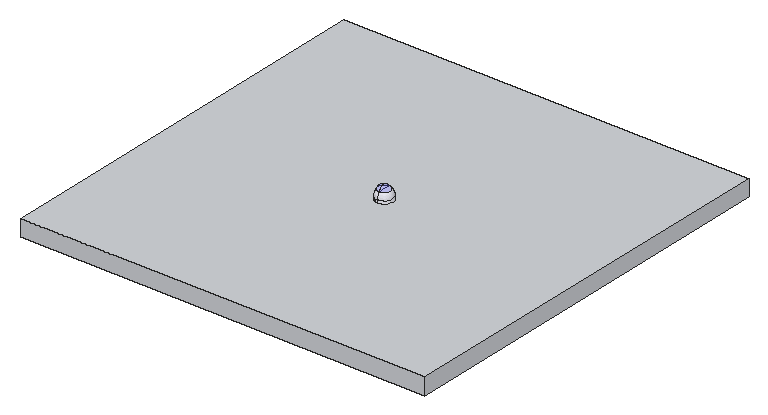
Revit family "PD4-AP types Avec hôte", category Dispositifs d'éclairage, Revit 2019
Family settings
  Hôte = Face
  Conserver l'orientation des annotations = Oui
  Cote de connecteur circulaire = Utiliser le diamètre
  Type d'élément = Normal
  Couper avec des vides une fois chargée = Non
  Partagée = Non
  Point de calcul de pièce = Non
Parameters (values of type "01- PD4-AP Générique")
  Zone de detection [instance] = no
  Zone assise [instance] = Position en hauteur < 350.1 cm  # yes
  URL = "http://www.luxomat.com"
  Type de Sortie = ""
  Température ambiante = "-25°C à +50°C"
  Référence = ""
  Relais = ""
  Position en hauteur [instance] = 250 cm
  Portée frontale [instance] = Position en hauteur * 3.2  # 800 cm
  Portée de biais [instance] = Position en hauteur * 9.6  # 2400 cm
  Modèle = "PD4-AP"
  Mode de pose = "Saillie"
  Marque = "LUXOMAT"
  Image du type = 360°.jpg
  IP = "20 ou 54"
  Hauteur de montage max préconisée [instance] = Hauteur de montage max  # 350 cm
  Hauteur de montage max = 350 cm
  Fabricant = "B.E.G."
  Etiquette [instance] = yes
  Default Elevation = 0 cm
  Consommation = ""
  Commentaires du type = "DET.PRES.360°/Ø24M APPARENT"
  Code d'assemblage = "D5010200"
  Classe = "II"
  Charge LED = ""
  Charge Cos ɸ =1 = ""
  Charge Cos ɸ =0.5 = ""
  Alimentation = "110-240 V AC"
  Activitée assise [instance] = Position en hauteur * 2.56  # 640 cm
Types (25, lengths in cm): name | Type de Sortie | Température ambiante | Référence | Relais | Modèle | IP | Consommation | Commentaires du type | Charge LED | Charge Cos ɸ =1 | Charge Cos ɸ =0.5 | Alimentation
  (no name) | "" | "-25°C à +50°C" | "" | "" | "PD4-AP" | "20 ou 54" | "" | "DET.PRES.360°/Ø24M APPARENT" | "" | "" | "" | "110-240 V AC"
  01- PD4-AP Générique | "" | "-25°C à +50°C" | "" | "" | "PD4-AP" | "20 ou 54" | "" | "DET.PRES.360°/Ø24M APPARENT" | "" | "" | "" | "110-240 V AC"
  02- PD4N-1C-AP réf 92144 | "TOR" | "-25°C à +50°C" | "92144" | "10 A" | "PD4N-1C-AP" | "44" | "0,25 W" | "DET.MOUV.1 CONTACT.360°/Ø24M APPARENT" | "300 W" | "2300 W" | "1150 VA" | "110-240 V AC"
  03- PD4-M-1C-AP réf 92580 | "TOR" | "-25°C à +50°C" | "92580" | "10 A" | "PD4-M-1C-AP" | "20 ou 54" | "0,45 W" | "DET.PRES.MAITRE.1 CONTACT.360°/Ø24M APPARENT" | "300 W" | "2300 W" | "1150 VA" | "110-240 V AC"
  04- PD4-M-2C-AP réf 92140 | "TOR + CVC" | "-25°C à +50°C" | "92140" | "10 A / 3 A" | "PD4-M-2C-AP" | "54" | "0,47 W" | "DET.PRES.MAITRE.2 CONTACTS.360°/Ø24M APPARENT" | "300 W" | "2300 W" | "1150 VA" | "110-240 V AC"
  05- PD4-M-2C-DUO-AP réf 92158 | "2  TOR (1er jour/2ème jour)" | "-25°C à +50°C" | "92158" | "10 A" | "PD4-M-2C-DUO-AP" | "54" | "0,47 W" | "DET.PRES.MAITRE.DUO.2 CONTACTS.360°/Ø24M APPARENT" | "300 W" | "2300 W" | "1150 VA" | "110-240 V AC"
  06- PD4-M-3C-TRIO-AP réf 92740 | "3  TOR (1er jour/2ème jour + Tableau ou CVC)" | "-25°C à +50°C" | "92740" | "16 A" | "PD4-M-3C-TRIO-AP" | "20 ou 54" | "0,58 W" | "DET.PRES.MAITRE.TRIO.3 CONTACTS.360°/Ø24M APPARENT" | "300 W" | "3000 W" | "1500 VA" | "110-240 V AC"
  12- PD4-M-DIM-AP réf 92147 | "DIM (50 ballasts maxi)" | "-25°C à +50°C" | "92147" | "10 A" | "PD4-M-DIM-AP" | "20 ou 54" | "0,50 W" | "DET.PRES.MAITRE.DIM(1-10V).360°/Ø24M APPARENT" | "300 W" | "2300 W" | "1150 VA" | "110-240 V AC"
  13- PD4-M-DUO-DIM-AP réf 92271 | "2 DIM (25 ballasts maxi-1er jour/2ème jour)" | "-25°C à +50°C" | "92271" | "10 A" | "PD4-M-DUO-DIM-AP" | "54" | "0,50 W" | "DET.PRES.MAITRE.DUO.2 DIM(1-10V).360°/Ø24M APPARENT" | "300 W" | "2300 W" | "1150 VA" | "110-240 V AC"
  14- PD4-M-TRIO-DIM-AP réf 92730 | "2 DIM (25 ballasts maxi-1er jour/2ème jour) + TOR (Tableau ou CVC)" | "-25°C à +50°C" | "92730" | "16 A" | "PD4-M-TRIO-DIM-AP" | "20 ou 54" | "0,78 W" | "DET.PRES.MAITRE.TRIO.2 DIM(1-10V) + TOR.360°/Ø24M APPARENT" | "300 W" | "3000 W" | "1500 VA" | "110-240 V AC"
  07- PD4N-M-DACO-AP réf 93460 | "DALI 2  (40 drivers maxi)" | "-25°C à +50°C" | "93460+93465" | "0" | "PD4N-M-DACO-AP" | "54" | "2 W" | "DET.PRES.MAITRE.DALI 2.360°/Ø10M APPARENT + KIT AP réf 93465" | "0" | "0" | "0" | "110-240 V AC"
  09- PD4-M-TRIO-2DALI/DSI-1C-AP réf 92751 | "2 DALI (25 ballasts maxi-1er jour/2ème jour) + TOR (Tableau ou CVC)" | "-25°C à +50°C" | "92751" | "16 A" | "PD4-M-TRIO-2DALI/DSI-1C-AP" | "20 ou 54" | "0,78 W" | "DET.PRES.MAITRE.TRIO.2 DALI/DSI + TOR.360°/Ø24M APPARENT" | "300 W" | "3000 W" | "1500 VA" | "110-240 V AC"
  10- PD4-M-DAA4G-AP réf 92743 | "DALI Adressable Autonome (64 ballasts maxi) + TOR" | "-25°C à +50°C" | "92743" | "10 A" | "PD4-M-DAA4G-AP" | "20" | "0.4 W" | "DET.PRES.MAITRE.DALI ADRESSABLE AUTONOME + TOR.360°/Ø24M APPARENT" | "300 W" | "2300 W" | "1150 VA" | "110-240 V AC"
  20- PD4N-KNX-ST-AP réf 93385 | "KNX - 1 sortie Eclairage TOR ou GRADATION / 3 sorties Présence" | "-5°C à +45°C" | "93385+93307" | "0" | "PD4N-KNX-ST-AP" | "54" | "12 mA" | "DET.PRES.KNX.VERSION STANDARD.360°/Ø24M ENCASTRE + KIT AP réf 93307" | "0" | "0" | "0" | "24 V DC par bus KNX"
  21- PD4N-KNX-DX-AP réf 93387 | "KNX - 1 sortie Eclairage TOR ou GRADATION / 3 sorties Présence / Capteur de température et bruit" | "-5°C à +45°C" | "93387+93307" | "0" | "PD4N-KNX-DX-AP" | "54" | "12 mA" | "DET.PRES.KNX.VERSION DELUXE.360°/Ø24M ENCASTRE + KIT AP réf 93307" | "0" | "0" | "0" | "24 V DC par bus KNX"
  24- PD4N-LON-AP réf 92834 | "LON" | "-5°C à +45°C" | "92834" | "0" | "PD4N-LON-AP" | "54" | "12 mA" | "DET.PRES.LON.360°/Ø24M APPARENT" | "0" | "0" | "0" | "24 V DC par bus LON"
  19- PD4N-BMS-DALI-2-AP réf 93546 | "DALI 2 adressable - BMS" | "-25°C à +50°C" | "93546+93307" | "0" | "PD4N-BMS-DALI-2-AP" | "54" | "7 mA" | "MULTI.CAPTEUR.PRES.BMS.DALI 2.360°/Ø24M APPARENT" | "0" | "0" | "0" | "10-22V DC par bus DALI"
  15- PD4-S-AP réf 92142 | "Esclave" | "-25°C à +50°C" | "92142" | "0" | "PD4-S-AP" | "54" | "0,25 W" | "DET.PRES.ESCLAVE.360°/Ø24M APPARENT" | "0" | "0" | "0" | "110-240 V AC"
  16- PD4-S-DAA4G-AP réf 92759 | "DALI Esclave" | "-25°C à +50°C" | "92759" | "0" | "PD4-S-DAA4G-AP" | "54" | "7 mA" | "DET.PRES.ESCLAVE.DALI.360°/Ø24M APPARENT" | "0" | "0" | "0" | "22 V DC par bus DALI"
  11- PD4-M-HCL2-AP réf 93485 | "DALI HCL Adressable Autonome (64 ballasts maxi) + TOR" | "-25°C à +50°C" | "93485" | "10 A" | "PD4-M-HCL2-AP" | "20" | "0.4 W" | "DET.PRES.MAITRE.DALI HCL ADRESSABLE AUTONOME + TOR.360°/Ø24M APPARENT" | "300 W" | "2300 W" | "1150 VA" | "110-240 V AC"
  17- PD4N-DALILINK-AP réf 93377 | "DALILINK" | "-25°C à +55°C" | "93377+93307" | "0" | "PD4N-DALILINK-AP" | "54" | "7 mA" | "MULTI.CAPTEUR.PRES.DALILINK.360°/Ø24M FAUX PLAFOND + KIT AP réf 93307" | "0" | "0" | "0" | "16V DC par bus DALI"
  18- PD4N-DALISYS-AP réf 93340 | "DALI adressable" | "-25°C à +55°C" | "93340+93307" | "0" | "PD4N-DALISYS-AP" | "54" | "7 mA" | "MULTI.CAPTEUR.PRES.DALISYS.360°/Ø24M FAUX PLAFOND + KIT AP réf 93307" | "0" | "0" | "0" | "16V DC par bus DALI"
  08- PD4N-M-DACO-1C-AP réf 93463 | "DALI 2 (40 drivers maxi) + Contact NO" | "-25°C à +50°C" | "93463+93465" | "10 A" | "PD4N-M-DACO-1C-AP" | "54" | "2 W" | "DET.PRES.MAITRE.DALI 2 + CONTACT NO.360°/Ø10M APPARENT + KIT AP réf 93465" | "300 W" | "2300 W" | "1150 VA" | "110-240 V AC"
  22- PD4N-KNXs-ST-AP réf 93515 | "KNX Sécure - 1 sortie Eclairage TOR ou GRADATION / 3 sorties Présence / HCL" | "-5°C à +45°C" | "93515+93307" | "0" | "PD4N-KNXs-ST-AP" | "54" | "12 mA" | "DET.PRES.KNX Sécure.VERSION STANDARD.360°/Ø24M ENCASTRE + KIT AP réf 93307" | "0" | "0" | "0" | "24 V DC par bus KNX"
  23- PD4N-KNXs-DX-AP réf 93517 | "KNX Sécure - 1 sortie Eclairage TOR ou GRADATION / 3 sorties Présence / Capteur de température et bruit / HCL" | "-5°C à +45°C" | "93517+93307" | "0" | "PD4N-KNXs-DX-AP" | "54" | "12 mA" | "DET.PRES.KNX Sécure.VERSION DELUXE.360°/Ø24M ENCASTRE + KIT AP réf 93307" | "0" | "0" | "0" | "24 V DC par bus KNX"
Reference planes (cm)
  plane 1 "Centre (avant/arrière)": y = 0
  plane 2: z = 0
  plane 3 "Centre (gauche/droite)": x = 0
Forms (cm)
  Extrusion 1, solid
    sketch origin (0, 0, 0) x (1, 0, 0) y (0, 1, 0)
      loop
        line (-121.92, 121.92) -> (-121.92, -121.92) -> (121.92, -121.92) -> (121.92, 121.92) -> (-121.92, 121.92)
    from 0 to -10
Dimensions and locks (cm)
  aligned and locked: plane 2 to Extrusion 1
  aligned and locked: level to Extrusion 1
  aligned and locked: nested 2 to plane 2
Nested families (cm)
  nested 1: "Famille1" at (-4, 54.585, 0), modele <- "Modèle", visible <- "Etiquette", référence <- "Référence", type "Famille1"
    with référence "", modele "PD4-AP"
  nested 2: "M14" at (0, 0, 0), type "Standard"
  nested 3: "Plafond 360° 2D" at (0, 0, 0), type "Plafond 360° 2D"
  nested 4: "zone H" at (0, 0, 0) x (1, 0, 0) z (0, 0, -1), visible <- "Zone de detection", biais <- "Portée de biais", frontal <- "Portée frontale", activité assise <- "Activitée assise", Zone assise <- "Zone assise", type "zone H"
    with position 2 320 cm, position 1 800 cm, frontal 800 cm, biais 2400 cm, activité assise 640 cm, Zone assise yes
Connectors (cm)
  electrical at (0, 0, 0)
    settings: on nested 2, index 1, voltage 230 V, apparent load 0 VA, apparent load phase1 0 VA, apparent load phase2 0 VA, apparent load phase3 0 VA, power factor 1, load classification "Eclairage", number of poles 1, system type 31, power factor state 1, is connector primary yes, connector utility no, sub classification motor no, connector description ""
Definition of nested family "M14"
  Reference planes (cm)
    plane 1 "Centre (avant/arrière)": y = 0
    plane 2: z = 0
    plane 3 "Centre (gauche/droite)": x = 0
    plane 4: x = 0
  Forms (cm)
    Revolve 1, solid
      sketch origin (0, 0, 0) x (0, -1, 0) y (0, 0, 1)
        loop
          line (0, 0) -> (0, 5) -> (-3.8, 5)
          arc (-3.8, 5) -> (-4.577, 3.2225) -> (-4.8363, 1.3) r 7
          line (-4.8363, 1.3) -> (-4.9363, 1.3) -> (-5.05, 0) -> (0, 0)
        axis (0, 0) -> (0, 5)
      angle from 0 to 360
    Revolve 2, solid
      sketch origin (0, 0, 0) x (0, -1, 0) y (0, 0, 1)
        loop
          arc (0, 7.6) -> (-2.2816, 6.8864) -> (-3.75, 5) r 4.0043
          line (-3.75, 5) -> (0, 5) -> (0, 7.6)
        axis (0, 5) -> (0, 7.6)
      angle from 0 to 360
  Lines and regions (cm)
    reference lines
      curve 1: line (0, 0, 0) -> (0, 0, 7.6)
      curve 2: line (0, 0, 5) -> (0, 3.8, 5)
      curve 3: arc (0, 3.8, 5) -> (0, 4.577, 3.2225) -> (0, 4.8363, 1.3) r 7
      curve 4: line (0, 4.9363, 1.3) -> (0, 4.8363, 1.3)
      curve 5: line (0, 5.05, 0) -> (0, 4.9363, 1.3)
      curve 6: line (0, 0, 0) -> (0, 5.05, 0)
      curve 7: arc (0, 0, 7.6) -> (0, 2.2816, 6.8864) -> (0, 3.75, 5) r 4.0043
      curve 8: line (0, 3.75, 5) -> (0, 0, 5)
      curve 9: line (0, 0, 7.6) -> (0, 0, 5)
      curve 10: line (0, 0, 0) -> (0, 0, 7.6)
  Dimensions and locks (cm)
    aligned and locked: level to plane 2
    aligned and locked: Revolve 1 sketch curve to curve 1  (x2)
    aligned and locked: Revolve 1 sketch curve to curve 2
    aligned and locked: Revolve 1 sketch curve to curve 3
    aligned and locked: Revolve 1 sketch curve to curve 4
    aligned and locked: Revolve 1 sketch curve to curve 5
    aligned and locked: Revolve 1 sketch curve to curve 6
    aligned and locked: Revolve 2 sketch curve to curve 7
    aligned and locked: Revolve 2 sketch curve to curve 8
    aligned and locked: Revolve 2 sketch curve to curve 9
    aligned and locked: Revolve 2 sketch curve to curve 10
Definition of nested family "Famille1"
  Parameters (values of type "Famille1")
    référence [instance] = ""
    modele [instance] = ""
  Reference planes (cm)
    plane 1: y = 0
    plane 2: x = 0
  Text (cm)
    label "référence\nmodele" at (0.0074, 0.0451, 0), shows "référence", "modele"
Definition of nested family "Plafond 360° 2D"
  Reference planes (cm)
    plane 1: y = 0
    plane 2: x = 0
  Lines and regions (cm)
    Filled region 1, type "rouge"
      outline origin (0, 0, 0) x (1, 0, 0) y (0, 1, 0)
        loop
          circle (0, 0) r 0.0294
    detail lines
      curve 1: arc (-0.1732, 0.1, 0) -> (-0.2, 0, 0) -> (-0.1732, -0.1, 0) r 0.2
      curve 2: arc (-0.1, -0.1732, 0) -> (0, -0.2, 0) -> (0.1, -0.1732, 0) r 0.2
      curve 3: arc (0.1732, -0.1, 0) -> (0.2, 0, 0) -> (0.1732, 0.1, 0) r 0.2
      curve 4: arc (0.1, 0.1732, 0) -> (0, 0.2, 0) -> (-0.1, 0.1732, 0) r 0.2
      curve 5: arc (-0.1375, 0.0794, 0) -> (-0.1588, 0, 0) -> (-0.1375, -0.0794, 0) r 0.1588
      curve 6: arc (-0.0794, -0.1375, 0) -> (0, -0.1588, 0) -> (0.0794, -0.1375, 0) r 0.1588
      curve 7: arc (0.1375, -0.0794, 0) -> (0.1588, 0, 0) -> (0.1375, 0.0794, 0) r 0.1588
      curve 8: arc (0.0794, 0.1375, 0) -> (0, 0.1588, 0) -> (-0.0794, 0.1375, 0) r 0.1588
      curve 9: arc (-0.1019, 0.0588, 0) -> (-0.1176, 0, 0) -> (-0.1019, -0.0588, 0) r 0.1176
      curve 10: arc (-0.0588, -0.1019, 0) -> (0, -0.1176, 0) -> (0.0588, -0.1019, 0) r 0.1176
      curve 11: arc (0.1019, -0.0588, 0) -> (0.1176, 0, 0) -> (0.1019, 0.0588, 0) r 0.1176
      curve 12: arc (0.0588, 0.1019, 0) -> (0, 0.1176, 0) -> (-0.0588, 0.1019, 0) r 0.1176
      curve 13: arc (-0.0294, 0, 0) -> (0, -0.0294, 0) -> (0.0294, 0, 0) r 0.0294
      curve 14: arc (0.0294, 0, 0) -> (0, 0.0294, 0) -> (-0.0294, 0, 0) r 0.0294
Definition of nested family "zone H"
  Parameters (values of type "zone H")
    position 2 [instance] = (frontal / 2) * 0.8  # 320 cm
    position 1 [instance] = ((biais / 2) + (frontal / 2)) / 2  # 800 cm
    frontal [instance] = 800 cm
    biais [instance] = 2400 cm
    activité assise [instance] = 640 cm
    Zone assise [instance] = yes
  Reference planes (cm)
    plane 1 "Centre (avant/arrière)": y = 0
    plane 2: z = 0
    plane 3 "Centre (gauche/droite)": x = 0
    plane 4: x = -800
    plane 5: y = -320
  Lines and regions (cm)
    detail lines, in view "Niveau de réf.", visible <- "Zone assise"
      curve 1: circle (0, 0, 0) r 320 normal (0, 0, 1)
      curve 4: spline (-159.1609, 35.3835, 0) -> (-158.2494, 35.2529, 0) -> (-157.3931, 34.8281, 0) -> (-156.6502, 34.138, 0) -> (-156.0714, 33.2297, 0) -> (-155.6961, 32.165, 0) -> (-155.55, 31.0166, 0) -> (-155.643, 29.8626, 0) -> (-155.9687, 28.7818, 0) -> (-156.5049, 27.8477, 0) -> (-157.2152, 27.1241, 0) -> (-158.051, 26.6602, 0) -> (-158.9555, 26.4877, 0) -> (-159.867, 26.6183, 0) -> (-160.7234, 27.0431, 0) -> (-161.4663, 27.7332, 0) -> (-162.0451, 28.6415, 0) -> (-162.4203, 29.7062, 0) -> (-162.5664, 30.8546, 0) -> (-162.4735, 32.0085, 0) -> (-162.1478, 33.0894, 0) -> (-161.6115, 34.0234, 0) -> (-160.9013, 34.7471, 0) -> (-160.0654, 35.211, 0) -> (-159.1609, 35.3835, 0)
      curve 12: line (-159, 26, 0) -> (-159, 0, 0)
      curve 13: line (-159, 0, 0) -> (-142, 0, 0)
      curve 14: line (-142, 0, 0) -> (-142, -21, 0)
      curve 15: line (-159, 22.2972, 0) -> (-146.1203, 15.4489, 0)
      curve 16: line (-169.5298, 20.3537, 0) -> (-164.6439, -2.6328, 0)
      curve 17: line (-164.6439, -2.6328, 0) -> (-144.0082, -2.6328, 0)
      curve 18: line (-149.8164, -2.6328, 0) -> (-149.8164, -21, 0)
      curve 19: line (-161.3261, -2.6328, 0) -> (-161.3261, -21, 0)
      curve 31: line (-149.8151, 8.5, 0) -> (-123.3151, 8.5, 0)
      curve 32: line (-128, 8.5, 0) -> (-128, -21, 0)
      curve 35: line (-134.5, 8.5, 0) -> (-134.5, -21, 0)
    detail lines, in view "Niveau de réf."
      curve 2: circle (0, 0, 0) r 400 normal (0, 0, 1)
      curve 3: circle (0, 0, 0) r 1200 normal (0, 0, 1)
      curve 6: line (-800, -57.4473, 0) -> (-800, 25.4977, 0)
      curve 7: line (-800, 25.4977, 0) -> (-822.1638, -2.8706, 0)
      curve 10: line (0, -402.945, 0) -> (0, -320, 0)
      curve 11: line (0, -320, 0) -> (-22.1638, -348.3684, 0)
      curve 28: line (-800, 25.4977, 0) -> (-777.8362, -2.8706, 0)
      curve 29: line (0, -320, 0) -> (22.1638, -348.3684, 0)
    detail lines, in view "Niveau de réf.", visible <- "Zone assise", not visible
      curve 5: spline (932.3619, 15.8637, 0) -> (933.2734, 15.7331, 0) -> (934.1297, 15.3083, 0) -> (934.8726, 14.6182, 0) -> (935.4514, 13.7099, 0) -> (935.8267, 12.6452, 0) -> (935.9728, 11.4968, 0) -> (935.8798, 10.3428, 0) -> (935.5541, 9.262, 0) -> (935.0179, 8.3279, 0) -> (934.3076, 7.6043, 0) -> (933.4718, 7.1404, 0) -> (932.5673, 6.9679, 0) -> (931.6558, 7.0985, 0) -> (930.7994, 7.5233, 0) -> (930.0565, 8.2134, 0) -> (929.4777, 9.1217, 0) -> (929.1025, 10.1864, 0) -> (928.9564, 11.3348, 0) -> (929.0493, 12.4888, 0) -> (929.375, 13.5696, 0) -> (929.9113, 14.5037, 0) -> (930.6215, 15.2273, 0) -> (931.4574, 15.6912, 0) -> (932.3619, 15.8637, 0)
      curve 20: line (932.5228, 6.4802, 0) -> (932.5228, -19.5198, 0)
      curve 21: line (932.5228, -19.5198, 0) -> (949.5228, -19.5198, 0)
      curve 22: line (949.5228, -19.5198, 0) -> (949.5228, -40.5198, 0)
      curve 23: line (932.5228, 2.7774, 0) -> (945.4025, -4.0709, 0)
      curve 24: line (921.993, 0.8339, 0) -> (926.8789, -22.1526, 0)
      curve 25: line (926.8789, -22.1526, 0) -> (947.5146, -22.1526, 0)
      curve 26: line (941.7064, -22.1526, 0) -> (941.7064, -40.5198, 0)
      curve 27: line (930.1967, -22.1526, 0) -> (930.1967, -40.5198, 0)
      curve 33: line (941.7077, -11.0198, 0) -> (968.2077, -11.0198, 0)
      curve 34: line (963.5228, -11.0198, 0) -> (963.5228, -40.5198, 0)
      curve 36: line (957.0228, -11.0198, 0) -> (957.0228, -40.5198, 0)
    detail lines, in view "Niveau de réf.", not visible
      curve 8: line (628.0656, -64.277, 0) -> (628.0656, 18.6681, 0)
      curve 9: line (628.0656, 18.6681, 0) -> (605.9018, -9.7003, 0)
      curve 30: line (628.0656, 18.6681, 0) -> (650.2294, -9.7003, 0)
  Dimensions and locks (cm)
    "position 1": plane 4 to plane 3 "Centre (gauche/droite)"
    "position 2": plane 5 to plane 1 "Centre (avant/arrière)"
    "activité assise": diameter of curve 1
    "biais": diameter of curve 3
    "frontal": diameter of curve 2
    aligned and locked: plane 4 to curve 6
    aligned and locked: curve 10 to plane 3 "Centre (gauche/droite)"
    aligned and locked: plane 5 to curve 29
    aligned and locked: curve 14 to plane 1 "Centre (avant/arrière)"
  Automatic sketch dimensions
    curve 7 to curve 7 = 22.1638 cm
    curve 6 to curve 28 = 22.1638 cm
    curve 28 to curve 7 = 28.3684 cm
    curve 7 to curve 7 = 28.3684 cm
    curve 6 to curve 7 = 54.5767 cm
    curve 11 to curve 11 = 22.1638 cm
    curve 10 to curve 29 = 22.1638 cm
    curve 29 to curve 11 = 28.3684 cm
    curve 11 to curve 11 = 28.3684 cm
    curve 10 to curve 11 = 54.5767 cm
    curve 9 to curve 9 = 22.1638 cm
    curve 8 to curve 30 = 22.1638 cm
    curve 30 to curve 9 = 28.3684 cm
    curve 9 to curve 9 = 28.3684 cm
    curve 8 to curve 9 = 54.5767 cm
    curve 16 to curve 12 = 5.6439 cm
    curve 12 to curve 14 = 17 cm
    curve 19 to curve 13 = 2.6328 cm
    curve 16 to curve 15 = 10.5298 cm
    curve 16 to curve 19 = 3.3178 cm
    curve 4 to curve 12 = 0.1609 cm
    curve 4 to curve 4 = 0.1027 cm
    curve 18 to curve 13 = 7.8164 cm
    curve 18 to curve 31 = 0.0013 cm
    curve 31 to curve 15 = 3.6948 cm
    curve 17 to curve 13 = 2.0082 cm
    curve 13 to curve 35 = 7.5 cm
    curve 35 to curve 32 = 6.5 cm
    curve 32 to curve 31 = 4.6849 cm
    curve 35 to curve 17 = 18.3672 cm
    curve 18 to curve 35 = 0 cm
    curve 14 to curve 35 = 0 cm
    curve 19 to curve 18 = 0 cm
    curve 35 to curve 32 = 0 cm
    curve 13 to curve 31 = 8.5 cm
    curve 31 to curve 15 = 6.9489 cm
    curve 12 to curve 16 = 20.3537 cm
    curve 16 to curve 15 = 1.9435 cm
    curve 15 to curve 12 = 3.7028 cm
    curve 12 to curve 4 = 4.9356 cm
    curve 24 to curve 20 = 5.6439 cm
    curve 20 to curve 22 = 17 cm
    curve 27 to curve 21 = 2.6328 cm
    curve 24 to curve 23 = 10.5298 cm
    curve 24 to curve 27 = 3.3178 cm
    curve 5 to curve 20 = 0.1609 cm
    curve 5 to curve 5 = 0.1027 cm
    curve 26 to curve 21 = 7.8164 cm
    curve 26 to curve 33 = 0.0013 cm
    curve 33 to curve 23 = 3.6948 cm
    curve 25 to curve 21 = 2.0082 cm
    curve 21 to curve 36 = 7.5 cm
    curve 36 to curve 34 = 6.5 cm
    curve 34 to curve 33 = 4.6849 cm
    curve 36 to curve 25 = 18.3672 cm
    curve 26 to curve 36 = 0 cm
    curve 22 to curve 36 = 0 cm
    curve 27 to curve 26 = 0 cm
    curve 36 to curve 34 = 0 cm
    curve 21 to curve 33 = 8.5 cm
    curve 33 to curve 23 = 6.9489 cm
    curve 20 to curve 24 = 20.3537 cm
    curve 24 to curve 23 = 1.9435 cm
    curve 23 to curve 20 = 3.7028 cm
    curve 20 to curve 5 = 4.9356 cm
    curve 1 to curve 2 = 0 cm  (x2)
    curve 1 to curve 3 = 0 cm  (x2)
    curve 2 to curve 3 = 0 cm  (x2)
    plane 1 "Centre (avant/arrière)" to curve 2 = 0 cm
    curve 2 to plane 3 "Centre (gauche/droite)" = 0 cm
